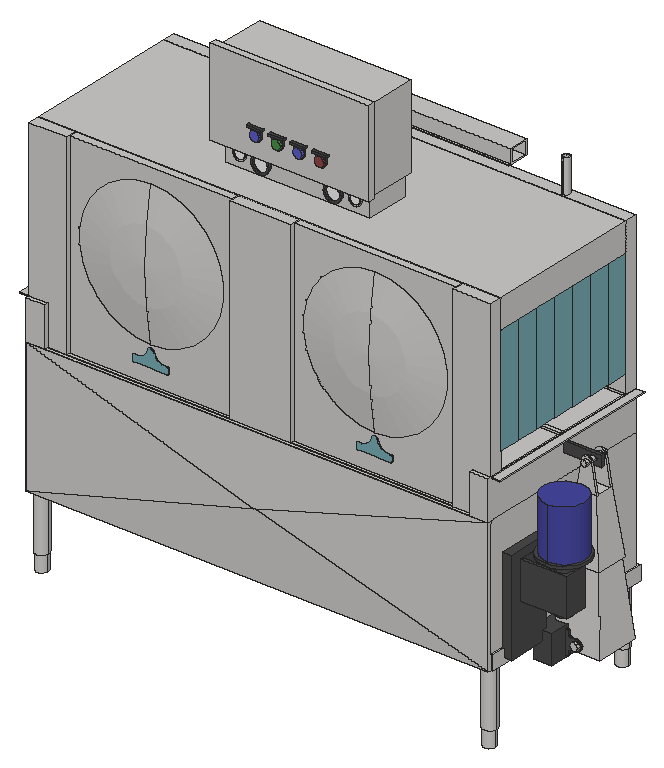
Revit family
Parameters (values of type "208/60/3")
  Width = 5' - 4"
  Weight in Pounds = 1000
  Watts = 25000 W
  Watermarked By = "http://revitwatermark.com"
  Waste Water Discharge Temperature [instance] = -459.67 °F
  Volts = 208 V
  Ventilation Remarks [instance] = ""
  URL Cutsheet = ""
  URL = "www.stero.com"
  Total Height = 5' - 10 1/2"
  Table Height = 2' - 10"
  Swing Doors [instance] = no
  Status [instance] = ""
  Standard Doors [instance] = not(Swing Doors)  # yes
  Specification by User [instance] = ""
  Specification by Manufacturer = ""
  Serial Number [instance] = ""
  Seismic Rating [instance] = ""
  SMACNA No [instance] = ""
  Right Ventilation Remarks [instance] = ""
  Right Vent [instance] = no
  Right Exhaust Volume [instance] = if(Right Vent, 400 CFM, 0 CFM)  # 0 CFM
  Right Exhaust Vent Width = 0' - 3 7/8"
  Right Exhaust Vent Text = "Vent, Unload End"
  Right Exhaust Vent Depth = 2' - 0 7/8"
  Right Exhaust Static Press = 0.00 in-wg
  Right Exhaust RI Height [instance] = 0' - 0"
  Right Exhaust Item Number [instance] = "-"
  Right Drain [instance] = no
  Revision Code [instance] = ""
  Plumbing Remarks [instance] = ""
  Plumbing Connection Type [instance] = ""
  Phase = 3
  Number of Poles [instance] = 1
  NAFEM Spec ID Number [instance] = ""
  Model = "ER-64"
  Masterspec = ""
  Manufacturer = "Stero"
  Machine Height = 4' - 7 1/2"
  Left Vent [instance] = no
  Left Drain [instance] = not(Right Drain)  # yes
  Item Number [instance] = "-"
  Installed By [instance] = ""
  Indirect Waste Size = 2"
  Indirect Waste Flow [instance] = 0.00 GPM
  Indirect Waste Connection Type [instance] = ""
  Indirect Waste Connection Height = 0' - 6"
  Hot Water Usage Rack = "- Gal/Rack"
  Hot Water Usage = "120.6 GPH"
  Hot Water Temperature = 180 °F
  Hot Water Size = 3/4"
  Hot Water RI Height [instance] = 0' - 0"
  Hot Water Minimum Pressure = 20.00 psi
  Hot Water Maximum Pressure = 20.00 psi
  Hot Water Flow = 2.01 GPM
  Hot Water Consumption = 2.01 GPM
  Hot Water Connection Height = 5' - 0"
  HP = "4.25"
  Furnished By [instance] = ""
  Foodservice Equipment Identifier [instance] = yes
  FL Amps = 83.6 A
  Exhaust Volume [instance] = if(Left Vent, 200 CFM, 0 CFM)  # 0 CFM
  Exhaust Vent Width = 0' - 3 7/8"
  Exhaust Vent Text = "Vent, Load End"
  Exhaust Vent Depth = 2' - 0 7/8"
  Exhaust Static Press = 0.00 in-wg
  Exhaust RI Height [instance] = 0' - 0"
  Electrical Remarks [instance] = ""
  Electric Connection Type [instance] = ""
  Elec Conn RI Height [instance] = 0' - 0"
  Elec Conn Connection Height = 5' - 8 1/2"
  Single Door Opening [instance] = if(Swing Doors, 2' 0", 1' 10 1/2")  # 1' - 10 1/2"
  Description = "Dishwasher, Conveyor"
  Depth = 2' - 1"
  Cycle = 60 Hz
  Conn Conduit = yes
  CSI MasterFormat = "11 48 13"
  Building Plumbing Remarks [instance] = ""
  Building Hot Water Temperature = 140 °F
  Building Hot Water Size = 3/4"
  Building Hot Water RI Height [instance] = 0' - 0"
  Building Hot Water Minimum Pressure [instance] = 20.00 psi
  Building Hot Water Maximum Pressure [instance] = 20.00 psi
  Building Hot Water Flow [instance] = 0.00 GPM
  Building Hot Water Consumption [instance] = 2.00 GPM
  Building Hot Water Connection Height = 5' - 0"
  Building HW Item Number [instance] = "-"
  Assembly Code = "E1090320"
  Apparent Power = if(Phase = 3, Volts * FL Amps * 1.73, Volts * FL Amps)  # 30082.6 VA
Reference planes (in)
  plane 1: z = 0
  plane 2 "LEFT": x = 2.32772
  plane 3 "BACK": y = -48
  plane 4 "TOP": z = 70.5
  plane 5 "RIGHT": x = 66.32772
  plane 6 "FRONT": y = -73
  plane 7 "Left of Top": x = 2.57772
  plane 8 "Right of Top": x = 66.07772
  plane 9 "Left of Ledge": x = 1.07772
  plane 10 "Right of Ledge": x = 67.57772
  plane 11 "Left End Cowl": x = -7.67228
  plane 12 "Right End Cowl": x = 76.32772
  plane 13: x = -0.73478
  plane 14: x = 69.39022
  plane 15 "Bottom of Machine": z = 10
  plane 16 "Table Height": z = 34
  plane 17 "Top of Machine": z = 55.5
  plane 18 "Panel Top": z = 28.5
  plane 19: z = 12
  plane 20: y = -73.5
  plane 21: y = -47.5
  plane 22: x = 2.07772
  plane 23: x = 66.57772
  plane 24: y = -49.625
  plane 25: y = -71.375
  plane 26 "Door Center": x = 34.32772
  plane 27: x = 7.57772
  plane 28: x = 30.07772
  plane 29 "Top of Opening": z = 51.5
  plane 30: z = 2.25
  plane 31: x = 24.32772
  plane 32: x = 44.32772
  plane 33: x = 23.32772
  plane 34: x = 45.32772
  plane 35 "Front of Lower Panel": y = -66.5
  plane 36: y = -60.5
  plane 37: y = -67
  plane 38 "Back of Panel": y = -60
  plane 39 "Front of Upper Panel": y = -68
  plane 40: x = 23.82772
  plane 41: x = 44.82772
  plane 42: x = 76.20272
  plane 43: x = -7.54728
  plane 44: x = -4.60978
  plane 45: x = 73.26522
  plane 46: y = -48.0625
  plane 47: y = -72.9375
  plane 48 "Top of Vents": z = 59.5
  plane 49: x = 19.82772
  plane 50: x = 48.82772
  plane 51: y = -45
  plane 52: z = 57.5
  plane 53: y = -43
  plane 54: z = 84.5
  plane 55: x = 38.57772
  plane 56: x = 61.07772
  plane 57: x = 7.82772
  plane 58: x = 29.95272
  plane 59: x = 28.64022
  plane 60: x = 38.70272
  plane 61: x = 40.01522
  plane 62: x = 60.82772
Forms (in)
  Extrusion 1, solid, material "QF_Finishes_Stainless Steel"
    sketch origin (0, 0, 10) x (0, 1, 0) y (-1, 0, 0)
      loop
        line (-47.5, -2.07772) -> (-73, -2.07772) -> (-73, -66.57772) -> (-47.5, -66.57772) -> (-47.5, -2.07772)
    from 0 to 2
  Extrusion 2, solid, material "QF_Finishes_Stainless Steel"
    sketch origin (0, 0, 34) x (0, 1, 0) y (-1, 0, 0)
      loop
        line (-71.375, -2.57772) -> (-49.625, -2.57772) -> (-49.625, -4.89022) -> (-48, -4.89022) -> (-48, -2.32772) -> (-73.5, -2.32772) -> (-73.5, -4.89022) -> (-71.375, -4.89022) -> (-71.375, -2.57772)
    from 0 to -5.5
  Extrusion 3, solid, material "QF_Finishes_Stainless Steel"
    sketch origin (0, 0, 28.5) x (0, 1, 0) y (-1, 0, 0)
      loop
        line (-48, -2.32772) -> (-73, -2.32772) -> (-73, -66.32772) -> (-48, -66.32772) -> (-48, -2.32772)
    from 0 to -16.5
  Extrusion 4, solid, material "QF_Finishes_Stainless Steel"
    sketch origin (48.65544, 0, 34) x (0, 1, 0) y (-1, 0, 0)
      loop
        line (-71.375, -17.42228) -> (-71.375, -15.10978) -> (-73.5, -15.10978) -> (-73.5, -17.67228) -> (-48, -17.67228) -> (-48, -15.10978) -> (-49.625, -15.10978) -> (-49.625, -17.42228) -> (-71.375, -17.42228)
    from 0 to -5.5
  Extrusion 5, solid, material "QF_Finishes_Stainless Steel"
    sketch origin (0, 0, 34) x (0, 1, 0) y (-1, 0, 0)
      loop
        line (-48, -2.32772) -> (-48, -1.07772) -> (-73, -1.07772) -> (-73, -2.32772) -> (-48, -2.32772)
    from 0 to -0.125
  Extrusion 6, solid, material "QF_Finishes_Stainless Steel"
    sketch origin (0, 0, 34) x (0, 1, 0) y (-1, 0, 0)
      loop
        line (-48, -66.32772) -> (-73, -66.32772) -> (-73, -67.57772) -> (-48, -67.57772) -> (-48, -66.32772)
    from 0 to -0.125
  Extrusion 7, solid, material "QF_Finishes_Stainless Steel"
    sketch origin (0, 0, 34) x (0, 1, 0) y (-1, 0, 0)
      loop
        line (-48, -4.89022) -> (-49.625, -4.89022) -> (-49.625, -2.57772) -> (-71.375, -2.57772) -> (-71.375, -66.07772) -> (-49.625, -66.07772) -> (-49.625, -63.76522) -> (-48, -63.76522) -> (-48, -4.89022)
    from -0.25 to -5.5
  Extrusion 8, solid, material "QF_Finishes_Stainless Steel"
    sketch origin (0, 0, 34) x (0, 1, 0) y (-1, 0, 0)
      loop
        line (-60.25, -2.57772) -> (-60.75, -2.57772) -> (-60.75, -66.07772) -> (-60.25, -66.07772) -> (-60.25, -2.57772)
      loop
        line (-48, -4.89022) -> (-49.625, -4.89022) -> (-49.625, -63.76522) -> (-48, -63.76522) -> (-48, -4.89022)
    from 0 to -0.25
  Extrusion 9, solid, material "QF_Finishes_Stainless Steel"
    sketch origin (0, 0, 55.5) x (0, 1, 0) y (-1, 0, 0)
      loop
        line (-49.625, -2.32772) -> (-71.375, -2.32772) -> (-71.375, -66.32772) -> (-49.625, -66.32772) -> (-49.625, -2.32772)
    from 0 to -4
  Extrusion 10, solid, material "QF_Finishes_Stainless Steel"
    sketch origin (0, 0, 55.5) x (0, 1, 0) y (-1, 0, 0)
      loop
        line (-48, -2.32772) -> (-49.625, -2.32772) -> (-49.625, -66.32772) -> (-48, -66.32772) -> (-48, -2.32772)
    from 0 to -21.5
  Extrusion 11, solid, material "QF_Finishes_Stainless Steel"
    sketch origin (0, -73, 0) x (-1, 0, 0) y (0, 0, 1)
      loop
        line (-2.32772, 55.5) -> (-7.57772, 55.5) -> (-7.57772, 28.5) -> (-4.89022, 28.5) -> (-4.89022, 34) -> (-2.32772, 34) -> (-2.32772, 55.5)
    from 0 to 1.625
  Blend 12, solid, material "QF_Finishes_Stainless Steel"
    base sketch origin (-15.01335, -74, 48) x (-1, 0, 0) y (0, 0, 1)
      loop
        line (-17.34107, -19.5) -> (-81.34107, -19.5) -> (-81.34107, -38) -> (-17.34107, -38) -> (-17.34107, -19.5)
    top sketch origin (-15.01335, -74, 48) x (-1, 0, 0) y (0, 0, 1)
      loop
        line (-49.37232, -28.71875) -> (-49.37232, -28.78125) -> (-49.30982, -28.78125) -> (-49.30982, -28.71875) -> (-49.37232, -28.71875)
    from 0.5 to 0
  Extrusion 13, solid, material "QF_Finishes_Stainless Steel"
    sketch origin (0, 0, 10) x (0, 1, 0) y (-1, 0, 0)
      loop
        line (-73, -2.32772) -> (-73.5, -2.32772) -> (-73.5, -66.32772) -> (-73, -66.32772) -> (-73, -2.32772)
    from 0 to 18.5
  Extrusion 14, solid, material "QF_Finishes_Stainless Steel"
    sketch origin (0, -73, 0) x (-1, 0, 0) y (0, 0, 1)
      loop
        line (-61.07772, 55.5) -> (-66.32772, 55.5) -> (-66.32772, 34) -> (-63.76522, 34) -> (-63.76522, 28.5) -> (-61.07772, 28.5) -> (-61.07772, 55.5)
    from 0 to 1.625
  Extrusion 15, solid, material "QF_Finishes_Stainless Steel", visible <- "Standard Doors"
    sketch origin (-15.5, 0, 55.5) x (0, 1, 0) y (-1, 0, 0)
      loop
        line (-71.375, -23.07772) -> (-72.5, -23.07772) -> (-72.5, -45.57772) -> (-71.375, -45.57772) -> (-71.375, -23.07772)
    from 0 to -27
  Extrusion 16, solid, material "QF_Finishes_Stainless Steel"
    sketch origin (0, 0, 0) x (1, 0, 0) y (0, 1, 0)
      loop
        circle (3.32772, -49) r 0.8125
    from 0 to 2.25
  Extrusion 17, solid, material "QF_Finishes_Stainless Steel"
    sketch origin (0, 0, 0) x (1, 0, 0) y (0, 1, 0)
      loop
        circle (3.32772, -49) r 0.9375
    from 2.25 to 10
  Extrusion 18, solid, material "QF_Finishes_Stainless Steel"
    sketch origin (48.65544, 0, 0) x (-1, 0, 0) y (0, -1, 0)
      loop
        circle (-16.67228, 49) r 0.8125
    from 0 to 2.25
  Extrusion 19, solid, material "QF_Finishes_Stainless Steel"
    sketch origin (48.65544, 0, 0) x (-1, 0, 0) y (0, -1, 0)
      loop
        circle (-16.67228, 49) r 0.9375
    from 2.25 to 10
  Extrusion 20, solid, material "QF_Finishes_Stainless Steel"
    sketch origin (0, -121, 0) x (1, 0, 0) y (0, 1, 0)
      loop
        circle (3.32772, 49) r 0.8125
    from 0 to 2.25
  Extrusion 21, solid, material "QF_Finishes_Stainless Steel"
    sketch origin (0, -121, 0) x (1, 0, 0) y (0, 1, 0)
      loop
        circle (3.32772, 49) r 0.9375
    from 2.25 to 10
  Extrusion 22, solid, material "QF_Finishes_Stainless Steel"
    sketch origin (48.65544, -121, 0) x (-1, 0, 0) y (0, -1, 0)
      loop
        circle (-16.67228, -49) r 0.8125
    from 0 to 2.25
  Extrusion 23, solid, material "QF_Finishes_Stainless Steel"
    sketch origin (48.65544, -121, 0) x (-1, 0, 0) y (0, -1, 0)
      loop
        circle (-16.67228, -49) r 0.9375
    from 2.25 to 10
  Extrusion 24, solid, material "QF_Finishes_Light Blue"
    sketch origin (0, 0, 51.5) x (0, 1, 0) y (-1, 0, 0)
      loop
        line (-49.625, -66.32772) -> (-49.625, -66.20272) -> (-52.625, -66.20272) -> (-52.625, -66.32772) -> (-49.625, -66.32772)
      loop
        line (-52.75, -66.32772) -> (-52.75, -66.20272) -> (-55.75, -66.20272) -> (-55.75, -66.32772) -> (-52.75, -66.32772)
      loop
        line (-55.875, -66.32772) -> (-55.875, -66.20272) -> (-58.875, -66.20272) -> (-58.875, -66.32772) -> (-55.875, -66.32772)
      loop
        line (-59, -66.32772) -> (-59, -66.20272) -> (-62, -66.20272) -> (-62, -66.32772) -> (-59, -66.32772)
      loop
        line (-62.125, -66.32772) -> (-62.125, -66.20272) -> (-65.125, -66.20272) -> (-65.125, -66.32772) -> (-62.125, -66.32772)
      loop
        line (-65.25, -66.32772) -> (-65.25, -66.20272) -> (-68.25, -66.20272) -> (-68.25, -66.32772) -> (-65.25, -66.32772)
      loop
        line (-68.375, -66.32772) -> (-68.375, -66.20272) -> (-71.375, -66.20272) -> (-71.375, -66.32772) -> (-68.375, -66.32772)
    from 0 to -15
  Extrusion 25, solid, material "QF_Finishes_Light Blue"
    sketch origin (48.65544, 0, 51.5) x (0, 1, 0) y (-1, 0, 0)
      loop
        line (-49.625, 46.32772) -> (-52.625, 46.32772) -> (-52.625, 46.20272) -> (-49.625, 46.20272) -> (-49.625, 46.32772)
      loop
        line (-52.75, 46.32772) -> (-55.75, 46.32772) -> (-55.75, 46.20272) -> (-52.75, 46.20272) -> (-52.75, 46.32772)
      loop
        line (-55.875, 46.32772) -> (-58.875, 46.32772) -> (-58.875, 46.20272) -> (-55.875, 46.20272) -> (-55.875, 46.32772)
      loop
        line (-59, 46.32772) -> (-62, 46.32772) -> (-62, 46.20272) -> (-59, 46.20272) -> (-59, 46.32772)
      loop
        line (-62.125, 46.32772) -> (-65.125, 46.32772) -> (-65.125, 46.20272) -> (-62.125, 46.20272) -> (-62.125, 46.32772)
      loop
        line (-65.25, 46.32772) -> (-68.25, 46.32772) -> (-68.25, 46.20272) -> (-65.25, 46.20272) -> (-65.25, 46.32772)
      loop
        line (-68.375, 46.32772) -> (-71.375, 46.32772) -> (-71.375, 46.20272) -> (-68.375, 46.20272) -> (-68.375, 46.32772)
    from 0 to -15
  Extrusion 26, solid, material "QF_Finishes_Stainless Steel"
    sketch origin (0, 0, 55.5) x (0, 1, 0) y (-1, 0, 0)
      loop
        line (-60.5, -24.32772) -> (-66.5, -24.32772) -> (-66.5, -44.32772) -> (-60.5, -44.32772) -> (-60.5, -24.32772)
    from 0 to 3.5
  Extrusion 27, solid, material "QF_Finishes_Stainless Steel"
    sketch origin (0, 0, 55.5) x (0, 1, 0) y (-1, 0, 0)
      loop
        line (-60, -23.82772) -> (-67, -23.82772) -> (-67, -44.82772) -> (-60, -44.82772) -> (-60, -23.82772)
    from 3 to 14.5
  Extrusion 28, solid, material "QF_Finishes_Stainless Steel"
    sketch origin (0, 0, 55.5) x (0, 1, 0) y (-1, 0, 0)
      loop
        line (-67, -23.32772) -> (-68, -23.32772) -> (-68, -45.32772) -> (-67, -45.32772) -> (-67, -23.32772)
    from 3 to 15
  Extrusion 29, solid, material "QF_Finishes_Black"
    sketch origin (0, -66.5, 0) x (-1, 0, 0) y (0, 0, 1)
      loop
        circle (-29.32772, 57) r 1.25
      loop
        circle (-29.32772, 57) r 1
    from 0 to -0.25
  Extrusion 30, solid, material "QF_Finishes_Stainless Steel"
    sketch origin (0, -66.5, 0) x (-1, 0, 0) y (0, 0, 1)
      loop
        circle (-26.32772, 57.25) r 0.75
      loop
        circle (-26.32772, 57.25) r 0.875
    from 0 to -0.125
  Extrusion 31, solid, material "QF_Finishes_White"
    sketch origin (0, -66.5, 0) x (-1, 0, 0) y (0, 0, 1)
      loop
        circle (-26.32772, 57.25) r 0.75
    from 0 to -0.0625
  Extrusion 32, solid, material "QF_Finishes_White"
    sketch origin (0, -66.5, 0) x (-1, 0, 0) y (0, 0, 1)
      loop
        circle (-29.32772, 57) r 1
    from 0 to -0.0625
  Extrusion 33, solid, material "QF_Finishes_Black"
    sketch origin (48.65544, -66.5, 0) x (1, 0, 0) y (0, 0, -1)
      loop
        circle (-9.32772, -57) r 1.25
      loop
        circle (-9.32772, -57) r 1
    from 0 to -0.25
  Extrusion 34, solid, material "QF_Finishes_Stainless Steel"
    sketch origin (48.65544, -66.5, 0) x (1, 0, 0) y (0, 0, -1)
      loop
        circle (-6.32772, -57.25) r 0.75
      loop
        circle (-6.32772, -57.25) r 0.875
    from 0 to -0.125
  Extrusion 35, solid, material "QF_Finishes_White"
    sketch origin (48.65544, -66.5, 0) x (1, 0, 0) y (0, 0, -1)
      loop
        circle (-6.32772, -57.25) r 0.75
    from 0 to -0.0625
  Extrusion 36, solid, material "QF_Finishes_White"
    sketch origin (48.65544, -66.5, 0) x (1, 0, 0) y (0, 0, -1)
      loop
        circle (-9.32772, -57) r 1
    from 0 to -0.0625
  Extrusion 37, solid, material "QF_Finishes_Black"
    sketch origin (0, -68, 0) x (-1, 0, 0) y (0, 0, 1)
      loop
        line (-33.82772, 62.5) -> (-33.82772, 62.25) -> (-31.82772, 62.25) -> (-31.82772, 62.5) -> (-33.82772, 62.5)
      loop
        line (-30.82772, 62.5) -> (-30.82772, 62.25) -> (-28.82772, 62.25) -> (-28.82772, 62.5) -> (-30.82772, 62.5)
      loop
        line (-34.82772, 62.5) -> (-36.82772, 62.5) -> (-36.82772, 62.25) -> (-34.82772, 62.25) -> (-34.82772, 62.5)
      loop
        line (-37.82772, 62.5) -> (-39.82772, 62.5) -> (-39.82772, 62.25) -> (-37.82772, 62.25) -> (-37.82772, 62.5)
    from 0 to -0.5
  Extrusion 38, solid, material "QF_Finishes_Navy Blue"
    sketch origin (0, -68, 0) x (-1, 0, 0) y (0, 0, 1)
      loop
        circle (-29.82772, 61.375) r 0.625
    from -0.125 to -0.375
  Extrusion 39, solid, material "QF_Finishes_LED Green"
    sketch origin (3, -68, 0) x (-1, 0, 0) y (0, 0, 1)
      loop
        circle (-29.82772, 61.375) r 0.625
    from -0.125 to -0.375
  Extrusion 40, solid, material "QF_Finishes_Navy Blue"
    sketch origin (6, -68, 0) x (-1, 0, 0) y (0, 0, 1)
      loop
        circle (-29.82772, 61.375) r 0.625
    from -0.125 to -0.375
  Extrusion 41, solid, material "QF_Finishes_LED Red"
    sketch origin (9, -68, 0) x (-1, 0, 0) y (0, 0, 1)
      loop
        circle (-29.82772, 61.375) r 0.625
    from -0.125 to -0.375
  Extrusion 42, solid, material "QF_Finishes_Black"
    sketch origin (0, -68, 0) x (-1, 0, 0) y (0, 0, 1)
      loop
        arc (-30.57772, 61.375) -> (-29.82772, 60.625) -> (-29.07772, 61.375) r 0.75
        line (-29.07772, 61.375) -> (-29.07772, 62.25) -> (-30.57772, 62.25) -> (-30.57772, 61.375)
      loop
        arc (-33.57772, 61.375) -> (-32.82772, 60.625) -> (-32.07772, 61.375) r 0.75
        line (-32.07772, 61.375) -> (-32.07772, 62.25) -> (-33.57772, 62.25) -> (-33.57772, 61.375)
      loop
        arc (-36.57772, 61.375) -> (-35.82772, 60.625) -> (-35.07772, 61.375) r 0.75
        line (-35.07772, 61.375) -> (-35.07772, 62.25) -> (-36.57772, 62.25) -> (-36.57772, 61.375)
      loop
        arc (-39.57772, 61.375) -> (-38.82772, 60.625) -> (-38.07772, 61.375) r 0.75
        line (-38.07772, 61.375) -> (-38.07772, 62.25) -> (-39.57772, 62.25) -> (-39.57772, 61.375)
    from 0 to -0.125
  Extrusion 43, solid, material "QF_Finishes_Light Blue", visible <- "Standard Doors"
    sketch origin (-15.5, -73, 0) x (-1, 0, 0) y (0, 0, 1)
      loop
        line (-33.71645, 30.65632) -> (-32.08461, 30.57309)
        arc (-32.08461, 30.57309) -> (-31.90443, 30.64773) -> (-31.82979, 30.82792) r 0.25483
        line (-31.82979, 30.82792) -> (-31.82979, 31.31285)
        arc (-31.82979, 31.31285) -> (-31.90343, 31.49062) -> (-32.08121, 31.56426) r 0.25142
        arc (-32.08121, 31.56426) -> (-33.22593, 31.7803) -> (-33.90311, 32.72819) r 1.56264
        arc (-33.90311, 32.72819) -> (-34.31726, 33.06213) -> (-34.74741, 32.74907) r 0.43733
        arc (-34.74741, 32.74907) -> (-35.42049, 31.78611) -> (-36.57423, 31.56426) r 1.56264
        arc (-36.57423, 31.56426) -> (-36.75201, 31.49062) -> (-36.82565, 31.31285) r 0.25142
        line (-36.82565, 31.31285) -> (-36.82565, 30.82792)
        arc (-36.82565, 30.82792) -> (-36.75101, 30.64773) -> (-36.57082, 30.57309) r 0.25483
        line (-36.57082, 30.57309) -> (-34.93898, 30.65632)
        arc (-34.93898, 30.65632) -> (-34.32772, 30.6719) -> (-33.71645, 30.65632) r 12
    from 0.5 to 0.4375
  Extrusion 44, solid, material "QF_Finishes_Stainless Steel", visible <- "Right Vent"
    sketch origin (66.07772, 0, 0) x (0, -1, 0) y (0, 0, 1)
      loop
        line (73, 55.5) -> (48, 55.5) -> (48, 50.5625) -> (49.625, 48.9375) -> (49.625, 49.11428) -> (48.125, 50.61428) -> (48.125, 55.375) -> (72.875, 55.375) -> (72.875, 39.17678) -> (71.375, 37.67678) -> (71.375, 37.5) -> (73, 39.125) -> (73, 55.5)
    from 0 to -10.125
  Extrusion 45, solid, material "QF_Finishes_Stainless Steel", visible <- "Left Vent"
    sketch origin (2.57772, 0, 0) x (0, 1, 0) y (0, 0, 1)
      loop
        line (-73, 55.5) -> (-73, 39.125) -> (-71.375, 37.5) -> (-71.375, 37.67678) -> (-72.875, 39.17678) -> (-72.875, 55.375) -> (-48.125, 55.375) -> (-48.125, 50.61428) -> (-49.625, 49.11428) -> (-49.625, 48.9375) -> (-48, 50.5625) -> (-48, 55.5) -> (-73, 55.5)
    from 0 to -10.125
  Extrusion 46, solid, material "QF_Finishes_Stainless Steel", visible <- "Right Vent"
    sketch origin (76.32772, 0, 0) x (0, 1, 0) y (0, 0, 1)
      loop
        line (-71.375, 37.5) -> (-71.375, 51.5) -> (-49.625, 51.5) -> (-49.625, 48.9375) -> (-48, 50.5625) -> (-48, 55.5) -> (-73, 55.5) -> (-73, 39.125) -> (-71.375, 37.5)
    from 0 to -0.125
  Extrusion 47, solid, material "QF_Finishes_Stainless Steel", visible <- "Left Vent"
    sketch origin (-7.67228, 0, 0) x (0, 1, 0) y (0, 0, 1)
      loop
        line (-71.375, 37.5) -> (-71.375, 51.5) -> (-49.625, 51.5) -> (-49.625, 48.9375) -> (-48, 50.5625) -> (-48, 55.5) -> (-73, 55.5) -> (-73, 39.125) -> (-71.375, 37.5)
    from 0 to 0.125
  Extrusion 48, solid, material "QF_Finishes_Stainless Steel", visible <- "Left Vent"
    sketch origin (0, 0, 55.5) x (0, 1, 0) y (-1, 0, 0)
      loop
        line (-48.0625, 4.60978) -> (-72.9375, 4.60978) -> (-72.9375, 0.73478) -> (-48.0625, 0.73478) -> (-48.0625, 4.60978)
      loop
        line (-48.1875, 4.48478) -> (-72.8125, 4.48478) -> (-72.8125, 0.85978) -> (-48.1875, 0.85978) -> (-48.1875, 4.48478)
    from 0 to 4
  Extrusion 49, solid, material "QF_Finishes_Stainless Steel", visible <- "Right Vent"
    sketch origin (48.65544, 0, 55.5) x (0, 1, 0) y (-1, 0, 0)
      loop
        line (-48.0625, -24.60978) -> (-48.0625, -20.73478) -> (-72.9375, -20.73478) -> (-72.9375, -24.60978) -> (-48.0625, -24.60978)
      loop
        line (-48.1875, -24.48478) -> (-48.1875, -20.85978) -> (-72.8125, -20.85978) -> (-72.8125, -24.48478) -> (-48.1875, -24.48478)
    from 0 to 4
  Extrusion 50, void
    sketch origin (0, 0, 55.5) x (0, 1, 0) y (-1, 0, 0)
      loop
        line (-48.1875, 4.48478) -> (-72.8125, 4.48478) -> (-72.8125, 0.85978) -> (-48.1875, 0.85978) -> (-48.1875, 4.48478)
    from 0 to -0.125
  Extrusion 51, void
    sketch origin (0, 0, 55.5) x (0, 1, 0) y (-1, 0, 0)
      loop
        line (-48.1875, -69.51522) -> (-72.8125, -69.51522) -> (-72.8125, -73.14022) -> (-48.1875, -73.14022) -> (-48.1875, -69.51522)
    from 0 to -0.125
  Extrusion 52, solid, material "QF_Finishes_Black"
    sketch origin (0, -73, 0) x (-1, 0, 0) y (0, 0, 1)
      loop
        line (-66.57772, 12) -> (-66.32772, 12) -> (-66.32772, 23.9375) -> (-67.70272, 23.9375) -> (-67.70272, 10.9375) -> (-66.57772, 10.9375) -> (-66.57772, 12)
    from 1.8125 to 7.8125
  Extrusion 53, solid, material "QF_Finishes_Black"
    sketch origin (0, 0, 10) x (0, 1, 0) y (-1, 0, 0)
      loop
        line (-66.875, -72.57772) -> (-66.875, -67.95272) -> (-69.5, -67.95272) -> (-69.5, -72.57772)
        arc (-69.5, -72.57772) -> (-68.1875, -71.26522) -> (-66.875, -72.57772) r 1.3125
      loop
        line (-69.75, -74.20272) -> (-66.625, -74.20272) -> (-66.625, -67.70272) -> (-69.75, -67.70272) -> (-69.75, -74.20272)
    from 7.6875 to 12.9375
  Extrusion 54, solid, material "QF_Finishes_Black"
    sketch origin (0.25, 0, 10) x (0, 1, 0) y (-1, 0, 0)
      loop
        circle (-68.1875, -72.32772) r 1.0625
    from 7.1875 to 7.6875
  Extrusion 55, solid, material "QF_Finishes_Black"
    sketch origin (0, 0, 10) x (0, 1, 0) y (-1, 0, 0)
      loop
        circle (-68.1875, -72.57772) r 1.3125
    from 12.9375 to 13.4375
  Blend 56, solid, material "QF_Finishes_Black"
    base sketch origin (0.25, 0, 10) x (0, 1, 0) y (-1, 0, 0)
      loop
        circle (-68.1875, -72.32772) r 1.3125
    top sketch origin (0.25, 0, 10) x (0, 1, 0) y (-1, 0, 0)
      loop
        circle (-68.1875, -72.32772) r 2.0625
    from 13.4375 to 14.4375
  Extrusion 57, solid, material "QF_Finishes_Black"
    sketch origin (0.25, 0, 10) x (0, 1, 0) y (-1, 0, 0)
      loop
        circle (-68.1875, -72.32772) r 3.25
    from 14.4375 to 14.8125
  Extrusion 58, solid, material "QF_Finishes_Blue"
    sketch origin (0.25, 0, 10) x (0, 1, 0) y (-1, 0, 0)
      loop
        circle (-68.1875, -72.32772) r 2.875
    from 14.8125 to 21.9375
  Extrusion 59, solid, material "QF_Finishes_Black"
    sketch origin (0, -73, 0) x (-1, 0, 0) y (0, 0, 1)
      loop
        line (-66.32772, 33.1875) -> (-71.82772, 33.1875) -> (-71.82772, 31.6875) -> (-66.32772, 31.6875) -> (-66.32772, 33.1875)
      loop
        circle (-70.57772, 32.4375) r 0.375
    from 12.3125 to 12.6875
  Extrusion 60, solid, material "QF_Finishes_Black"
    sketch origin (0, -73, 0) x (-1, 0, 0) y (0, 0, 1)
      loop
        line (-66.32772, 12) -> (-66.32772, 12.4375) -> (-69.07772, 12.4375) -> (-69.07772, 8.4375) -> (-66.57772, 8.4375) -> (-66.57772, 12) -> (-66.32772, 12)
    from 7 to 18
  Extrusion 61, solid, material "QF_Finishes_Black"
    sketch origin (0, -73, 0) x (-1, 0, 0) y (0, 0, 1)
      loop
        line (-69.07772, 12.125) -> (-69.32772, 12.125)
        arc (-69.32772, 12.125) -> (-69.5045, 12.05178) -> (-69.57772, 11.875) r 0.25
        line (-69.57772, 11.875) -> (-69.57772, 11.5625)
        arc (-69.57772, 11.5625) -> (-69.68755, 11.29733) -> (-69.95272, 11.1875) r 0.375
        line (-69.95272, 11.1875) -> (-70.57772, 11.1875)
        arc (-70.57772, 11.1875) -> (-71.32772, 10.4375) -> (-70.57772, 9.6875) r 0.75
        line (-70.57772, 9.6875) -> (-69.95272, 9.6875)
        arc (-69.95272, 9.6875) -> (-69.68755, 9.57767) -> (-69.57772, 9.3125) r 0.375
        line (-69.57772, 9.3125) -> (-69.57772, 9)
        arc (-69.57772, 9) -> (-69.5045, 8.82322) -> (-69.32772, 8.75) r 0.25
        line (-69.32772, 8.75) -> (-69.07772, 8.75) -> (-69.07772, 12.125)
      loop
        circle (-70.57772, 10.4375) r 0.5
    from 9.375 to 9.5
  Extrusion 62, solid, material "QF_Finishes_Black"
    sketch origin (0, -66.875, 0) x (-1, 0, 0) y (0, 0, 1)
      loop
        line (-69.07772, 12.125) -> (-69.32772, 12.125)
        arc (-69.32772, 12.125) -> (-69.5045, 12.05178) -> (-69.57772, 11.875) r 0.25
        line (-69.57772, 11.875) -> (-69.57772, 11.5625)
        arc (-69.57772, 11.5625) -> (-69.68755, 11.29733) -> (-69.95272, 11.1875) r 0.375
        line (-69.95272, 11.1875) -> (-70.57772, 11.1875)
        arc (-70.57772, 11.1875) -> (-71.32772, 10.4375) -> (-70.57772, 9.6875) r 0.75
        line (-70.57772, 9.6875) -> (-69.95272, 9.6875)
        arc (-69.95272, 9.6875) -> (-69.68755, 9.57767) -> (-69.57772, 9.3125) r 0.375
        line (-69.57772, 9.3125) -> (-69.57772, 9)
        arc (-69.57772, 9) -> (-69.5045, 8.82322) -> (-69.32772, 8.75) r 0.25
        line (-69.32772, 8.75) -> (-69.07772, 8.75) -> (-69.07772, 12.125)
      loop
        circle (-70.57772, 10.4375) r 0.5
    from 9.375 to 9.5
  Extrusion 63, solid, material "QF_Finishes_Stainless Steel"
    sketch origin (0, -73, 0) x (-1, 0, 0) y (0, 0, 1)
      loop
        circle (-70.57772, 32.4375) r 0.375
      loop
        line (-71.31584, 32.57045) -> (-72.01522, 28.6875) -> (-69.14022, 28.6875) -> (-69.8396, 32.57045)
        arc (-69.8396, 32.57045) -> (-70.57772, 33.1875) -> (-71.31584, 32.57045) r 0.75
    from 11.25 to 11.375
  Extrusion 64, solid, material "QF_Finishes_Stainless Steel"
    sketch origin (0, -48, 0) x (-1, 0, 0) y (0, 0, -1)
      loop
        circle (-70.57772, -32.4375) r 0.375
      loop
        arc (-71.31584, -32.57045) -> (-70.57772, -33.1875) -> (-69.8396, -32.57045) r 0.75
        line (-69.8396, -32.57045) -> (-69.14022, -28.6875) -> (-72.01522, -28.6875) -> (-71.31584, -32.57045)
    from 11.25 to 11.375
  Extrusion 65, solid, material "QF_Finishes_Stainless Steel"
    sketch origin (0, -73, 0) x (-1, 0, 0) y (0, 0, 1)
      loop
        circle (-70.57772, 32.4375) r 0.375
    from 10.75 to 14.25
  Blend 66, solid, material "QF_Finishes_Stainless Steel"
    base sketch origin (0, 0, 34) x (0, 1, 0) y (-1, 0, 0)
      loop
        line (-58.25, -67.89022) -> (-62.75, -67.89022) -> (-62.75, -73.01522) -> (-58.25, -73.01522) -> (-58.25, -67.89022)
    top sketch origin (0, 0, 34) x (0, 1, 0) y (-1, 0, 0)
      loop
        line (-59.25, -69.14022) -> (-61.75, -69.14022) -> (-61.75, -72.01522) -> (-59.25, -72.01522) -> (-59.25, -69.14022)
    from -14.0625 to -5.3125
  Blend 67, solid, material "QF_Finishes_Stainless Steel"
    base sketch origin (0, 0, 25.25) x (0, 1, 0) y (-1, 0, 0)
      loop
        line (-57.5, -67.14022) -> (-63.5, -67.14022) -> (-63.5, -73.76522) -> (-57.5, -73.76522) -> (-57.5, -67.14022)
    top sketch origin (0, 0, 25.25) x (0, 1, 0) y (-1, 0, 0)
      loop
        line (-58.5, -68.14022) -> (-62.5, -68.14022) -> (-62.5, -72.76522) -> (-58.5, -72.76522) -> (-58.5, -68.14022)
    from -15.5625 to -5.3125
  Extrusion 68, solid, material "QF_Finishes_Stainless Steel"
    sketch origin (0, -73, -22) x (-1, 0, 0) y (0, 0, 1)
      loop
        circle (-70.57772, 32.4375) r 0.5
    from 9 to 16
  Extrusion 69, solid, material "QF_Finishes_Stainless Steel"
    sketch origin (0, 0, 55.5) x (0, 1, 0) y (-1, 0, 0)
      loop
        circle (-48.75, -57.32772) r 0.375
      loop
        circle (-48.75, -57.32772) r 0.5
    from 0 to 4.5
  Extrusion 70, solid, material "QF_Finishes_Stainless Steel"
    sketch origin (2.32772, 0, 0) x (0, 1, 0) y (0, 0, 1)
      loop
        line (-45, 57.5) -> (-47.75, 57.5) -> (-47.75, 55.5) -> (-45, 55.5) -> (-45, 57.5)
      loop
        line (-45.125, 57.375) -> (-47.625, 57.375) -> (-47.625, 55.625) -> (-45.125, 55.625) -> (-45.125, 57.375)
    from 17.5 to 46.5
  Extrusion 71, solid, material "QF_Finishes_Stainless Steel"
    sketch origin (2.32772, 0, 0) x (0, 1, 0) y (0, 0, 1)
      loop
        line (-47.75, 55.5) -> (-47.75, 55.625) -> (-48, 55.625) -> (-48, 55.5) -> (-47.75, 55.5)
    from 17.5 to 46.5
  Extrusion 72, solid, material "QF_Finishes_Stainless Steel"
    sketch origin (0, -60, 0) x (-1, 0, 0) y (0, 0, 1)
      loop
        circle (-44.32772, 68.5) r 0.25
    from 0 to 0.0625
  Extrusion 73, solid, material "QF_Finishes_Stainless Steel"
    sketch origin (0, 0, 10) x (0, 1, 0) y (-1, 0, 0)
      loop
        circle (-50, -7.32772) r 1
      loop
        circle (-50, -7.32772) r 1.125
    from 0 to -4
  Extrusion 74, solid, material "QF_Finishes_Clearance", detail levels coarse
    sketch origin (0, 0, 0) x (1, 0, 0) y (0, 1, 0)
      loop
        line (1.07772, -47.5) -> (19.82772, -47.5) -> (19.82772, -45) -> (48.82772, -45) -> (48.82772, -47.5) -> (67.57772, -47.5) -> (67.57772, -43) -> (1.07772, -43) -> (1.07772, -47.5)
    from 0 to 70.5
  Extrusion 75, solid, material "QF_Finishes_Clearance", visible <- "Standard Doors", detail levels coarse
    sketch origin (-15.5, -73, 0) x (-1, 0, 0) y (0, 0, 1)
      loop
        line (-23.07772, 84.5) -> (-45.57772, 84.5) -> (-45.57772, 55.5) -> (-23.07772, 55.5) -> (-23.07772, 84.5)
    from 0 to 1.625
  Extrusion 76, solid, material "QF_Finishes_Clearance", visible <- "Right Vent", detail levels coarse
    sketch origin (0, 0, 0) x (1, 0, 0) y (0, 1, 0)
      loop
        line (67.57772, -43) -> (67.57772, -47.5) -> (76.32772, -47.5) -> (76.32772, -43) -> (67.57772, -43)
    from 0 to 70.5
  Extrusion 77, solid, material "QF_Finishes_Clearance", visible <- "Left Vent", detail levels coarse
    sketch origin (0, 0, 0) x (1, 0, 0) y (0, 1, 0)
      loop
        line (-7.67228, -43) -> (-7.67228, -47.5) -> (1.07772, -47.5) -> (1.07772, -43) -> (-7.67228, -43)
    from 0 to 70.5
  Revolve 78, solid, material "QF_Finishes_Stainless Steel", visible <- "Standard Doors"
    sketch origin (18.82772, 0, 0) x (0, 1, 0) y (0, 0, 1)
      loop
        line (-72.5, 43.5) -> (-72.5, 53.5)
        arc (-72.5, 53.5) -> (-73.26244, 48.52624) -> (-73.5, 43.5) r 48
        line (-73.5, 43.5) -> (-72.5, 43.5)
      axis (-72.5, 43.5) -> (-73.5, 43.5)
    angle from 0 to 360
  Extrusion 79, solid, material "QF_Finishes_Stainless Steel", visible <- "Standard Doors"
    sketch origin (14.5, 0, 55.5) x (0, 1, 0) y (-1, 0, 0)
      loop
        line (-71.375, -24.07772) -> (-72.5, -24.07772) -> (-72.5, -46.57772) -> (-71.375, -46.57772) -> (-71.375, -24.07772)
    from 0 to -27
  Extrusion 80, solid, material "QF_Finishes_Clearance", visible <- "Standard Doors", detail levels coarse
    sketch origin (14.5, -73, 0) x (-1, 0, 0) y (0, 0, 1)
      loop
        line (-24.07772, 84.5) -> (-46.57772, 84.5) -> (-46.57772, 55.5) -> (-24.07772, 55.5) -> (-24.07772, 84.5)
    from 0 to 1.625
  Revolve 81, solid, material "QF_Finishes_Stainless Steel", visible <- "Standard Doors"
    sketch origin (49.82772, 0, 0) x (0, 1, 0) y (0, 0, 1)
      loop
        line (-72.5, 43.5) -> (-72.5, 53.5)
        arc (-72.5, 53.5) -> (-73.26244, 48.52624) -> (-73.5, 43.5) r 48
        line (-73.5, 43.5) -> (-72.5, 43.5)
      axis (-72.5, 43.5) -> (-73.5, 43.5)
    angle from 0 to 360
  Extrusion 82, solid, material "QF_Finishes_Stainless Steel"
    sketch origin (-29, -73, 0) x (-1, 0, 0) y (0, 0, 1)
      loop
        line (-59.07772, 55.5) -> (-67.57772, 55.5) -> (-67.57772, 28.5) -> (-59.07772, 28.5) -> (-59.07772, 55.5)
    from 0 to 1.625
  Extrusion 83, solid, material "QF_Finishes_Stainless Steel"
    sketch origin (-44, 0, 55.5) x (0, 1, 0) y (-1, 0, 0)
      loop
        circle (-48.75, -63.32772) r 0.375
      loop
        circle (-48.75, -63.32772) r 0.5
    from 0 to 4.5
  Extrusion 84, solid, material "QF_Finishes_Stainless Steel"
    sketch origin (55, 0, 10) x (0, 1, 0) y (-1, 0, 0)
      loop
        circle (-50, -6.32772) r 1
      loop
        circle (-50, -6.32772) r 1.125
    from 0 to -4
  Extrusion 85, solid, material "QF_Finishes_Stainless Steel", visible <- "Right Drain"
    sketch origin (0, 0, 0) x (1, 0, 0) y (0, 1, 0)
      loop
        circle (7.32772, -50) r 1
    from 6 to 6.25
  Extrusion 86, solid, material "QF_Finishes_Stainless Steel", visible <- "Left Drain"
    sketch origin (0, 0, 0) x (1, 0, 0) y (0, 1, 0)
      loop
        circle (61.32772, -50) r 1
    from 6 to 6.25
  Extrusion 87, solid, material "QF_Finishes_Light Blue", visible <- "Standard Doors"
    sketch origin (15.5, -73, 0) x (-1, 0, 0) y (0, 0, 1)
      loop
        line (-33.71645, 30.65632) -> (-32.08461, 30.57309)
        arc (-32.08461, 30.57309) -> (-31.90443, 30.64773) -> (-31.82979, 30.82792) r 0.25483
        line (-31.82979, 30.82792) -> (-31.82979, 31.31285)
        arc (-31.82979, 31.31285) -> (-31.90343, 31.49062) -> (-32.08121, 31.56426) r 0.25142
        arc (-32.08121, 31.56426) -> (-33.22593, 31.7803) -> (-33.90311, 32.72819) r 1.56264
        arc (-33.90311, 32.72819) -> (-34.31726, 33.06213) -> (-34.74741, 32.74907) r 0.43733
        arc (-34.74741, 32.74907) -> (-35.42049, 31.78611) -> (-36.57423, 31.56426) r 1.56264
        arc (-36.57423, 31.56426) -> (-36.75201, 31.49062) -> (-36.82565, 31.31285) r 0.25142
        line (-36.82565, 31.31285) -> (-36.82565, 30.82792)
        arc (-36.82565, 30.82792) -> (-36.75101, 30.64773) -> (-36.57082, 30.57309) r 0.25483
        line (-36.57082, 30.57309) -> (-34.93898, 30.65632)
        arc (-34.93898, 30.65632) -> (-34.32772, 30.6719) -> (-33.71645, 30.65632) r 12
    from 0.5 to 0.4375
  Extrusion 88, solid, material "QF_Finishes_Black", not visible
    sketch origin (0, -68, 0) x (-1, 0, 0) y (0, 0, 1)
      loop
        line (-33.82772, 62.5) -> (-33.82772, 62.25) -> (-31.82772, 62.25) -> (-31.82772, 62.5) -> (-33.82772, 62.5)
      loop
        line (-30.82772, 62.5) -> (-30.82772, 62.25) -> (-28.82772, 62.25) -> (-28.82772, 62.5) -> (-30.82772, 62.5)
      loop
        line (-34.82772, 62.5) -> (-36.82772, 62.5) -> (-36.82772, 62.25) -> (-34.82772, 62.25) -> (-34.82772, 62.5)
      loop
        line (-37.82772, 62.5) -> (-39.82772, 62.5) -> (-39.82772, 62.25) -> (-37.82772, 62.25) -> (-37.82772, 62.5)
    from 0 to -0.5
  Extrusion 89, solid, material "QF_Finishes_Navy Blue", not visible
    sketch origin (0, -68, 0) x (-1, 0, 0) y (0, 0, 1)
      loop
        circle (-29.82772, 61.375) r 0.625
    from -0.125 to -0.375
  Extrusion 90, solid, material "QF_Finishes_LED Green", not visible
    sketch origin (3, -68, 0) x (-1, 0, 0) y (0, 0, 1)
      loop
        circle (-29.82772, 61.375) r 0.625
    from -0.125 to -0.375
  Extrusion 91, solid, material "QF_Finishes_Navy Blue", not visible
    sketch origin (6, -68, 0) x (-1, 0, 0) y (0, 0, 1)
      loop
        circle (-29.82772, 61.375) r 0.625
    from -0.125 to -0.375
  Extrusion 92, solid, material "QF_Finishes_LED Red", not visible
    sketch origin (9, -68, 0) x (-1, 0, 0) y (0, 0, 1)
      loop
        circle (-29.82772, 61.375) r 0.625
    from -0.125 to -0.375
  Extrusion 93, solid, material "QF_Finishes_Black", not visible
    sketch origin (0, -68, 0) x (-1, 0, 0) y (0, 0, 1)
      loop
        arc (-30.57772, 61.375) -> (-29.82772, 60.625) -> (-29.07772, 61.375) r 0.75
        line (-29.07772, 61.375) -> (-29.07772, 62.25) -> (-30.57772, 62.25) -> (-30.57772, 61.375)
      loop
        arc (-33.57772, 61.375) -> (-32.82772, 60.625) -> (-32.07772, 61.375) r 0.75
        line (-32.07772, 61.375) -> (-32.07772, 62.25) -> (-33.57772, 62.25) -> (-33.57772, 61.375)
      loop
        arc (-36.57772, 61.375) -> (-35.82772, 60.625) -> (-35.07772, 61.375) r 0.75
        line (-35.07772, 61.375) -> (-35.07772, 62.25) -> (-36.57772, 62.25) -> (-36.57772, 61.375)
      loop
        arc (-39.57772, 61.375) -> (-38.82772, 60.625) -> (-38.07772, 61.375) r 0.75
        line (-38.07772, 61.375) -> (-38.07772, 62.25) -> (-39.57772, 62.25) -> (-39.57772, 61.375)
    from 0 to -0.125
  Extrusion 94, solid, material "QF_Finishes_Stainless Steel", visible <- "Swing Doors"
    sketch origin (0, 0, 55.5) x (0, 1, 0) y (-1, 0, 0)
      loop
        line (-71.375, -7.82772) -> (-73, -7.82772) -> (-73, -29.95272) -> (-71.375, -29.95272) -> (-71.375, -7.82772)
    from 0 to -27
  Extrusion 95, solid, material "QF_Finishes_Stainless Steel", visible <- "Swing Doors"
    sketch origin (0, 0, 55.5) x (0, 1, 0) y (-1, 0, 0)
      loop
        line (-71.375, -38.70272) -> (-73, -38.70272) -> (-73, -60.82772) -> (-71.375, -60.82772) -> (-71.375, -38.70272)
    from 0 to -27
  Extrusion 96, solid, material "QF_Finishes_Stainless Steel", visible <- "Swing Doors"
    sketch origin (-5.5, 0, 52.4375) x (0, 1, 0) y (-1, 0, 0)
      loop
        circle (-73.25, -13.07772) r 0.25
    from 0 to -3
  Extrusion 97, solid, material "QF_Finishes_Stainless Steel", visible <- "Swing Doors"
    sketch origin (-5.5, 0, 35.8125) x (0, 1, 0) y (-1, 0, 0)
      loop
        circle (-73.25, -13.07772) r 0.25
    from 0 to -3
  Sweep 98, solid, material "QF_Finishes_Stainless Steel", visible <- "Swing Doors"
    path origin (28.64022, -19.02724, 48) x (0, 1, 0) y (0, 0, 1)
      loop
        line (-53.97276, -0.9375) -> (-54.59776, -0.9375)
        arc (-54.59776, -0.9375) -> (-54.95131, -1.08395) -> (-55.09776, -1.4375) r 0.5
        line (-55.09776, -1.4375) -> (-55.09776, -9.6875)
        arc (-55.09776, -9.6875) -> (-54.95131, -10.04105) -> (-54.59776, -10.1875) r 0.5
        line (-54.59776, -10.1875) -> (-53.97276, -10.1875)
    profile origin (28.64022, -73.3125, 47.0625) x (0, 0, -1) y (1, 0, 0)
      loop
        circle (0, 0) r 0.375
  Extrusion 99, solid, material "QF_Finishes_Stainless Steel", visible <- "Swing Doors"
    sketch origin (48, 0, 52.4375) x (0, 1, 0) y (-1, 0, 0)
      loop
        circle (-73.25, -13.07772) r 0.25
    from 0 to -3
  Extrusion 100, solid, material "QF_Finishes_Stainless Steel", visible <- "Swing Doors"
    sketch origin (48, 0, 35.8125) x (0, 1, 0) y (-1, 0, 0)
      loop
        circle (-73.25, -13.07772) r 0.25
    from 0 to -3
  Sweep 101, solid, material "QF_Finishes_Stainless Steel", visible <- "Swing Doors"
    path origin (40.01522, -19.02724, 48) x (0, 1, 0) y (0, 0, 1)
      loop
        line (-53.97276, -0.9375) -> (-54.59776, -0.9375)
        arc (-54.59776, -0.9375) -> (-54.95131, -1.08395) -> (-55.09776, -1.4375) r 0.5
        line (-55.09776, -1.4375) -> (-55.09776, -9.6875)
        arc (-55.09776, -9.6875) -> (-54.95131, -10.04105) -> (-54.59776, -10.1875) r 0.5
        line (-54.59776, -10.1875) -> (-53.97276, -10.1875)
    profile origin (40.01522, -73.3125, 47.0625) x (0, 0, -1) y (1, 0, 0)
      loop
        circle (0, 0) r 0.375
Cuts and joins
  Extrusion 50 cuts Extrusion 45
  Extrusion 50 cuts Extrusion 48
  Extrusion 51 cuts Extrusion 44
  Extrusion 51 cuts Extrusion 49
Lines and regions (in)
  symbolic lines
    curve 1: line (1.07772, -48, 10) -> (67.57772, -48, 10)
    curve 2: line (2.32772, -73, 10) -> (2.32772, -48, 10)
    curve 3: line (67.57772, -73, 10) -> (1.07772, -73, 10)
    curve 4: line (66.32772, -48, 10) -> (66.32772, -73, 10)
    curve 11: line (19.82772, -48, 10) -> (19.82772, -45, 10)
    curve 12: line (19.82772, -45, 10) -> (48.82772, -45, 10)
    curve 13: line (48.82772, -45, 10) -> (48.82772, -48, 10)
    curve 14: line (1.07772, -48, 10) -> (1.07772, -73, 10)
    curve 15: line (67.57772, -48, 10) -> (67.57772, -73, 10)
    curve 16: line (23.82772, -60, 10) -> (44.82772, -60, 10)
    curve 17: line (23.82772, -67, 10) -> (23.82772, -60, 10)
    curve 18: line (44.82772, -67, 10) -> (23.82772, -67, 10)
    curve 19: line (44.82772, -60, 10) -> (44.82772, -67, 10)
    curve 20: line (44.82772, -67, 10) -> (45.32772, -67, 10)
    curve 21: line (45.32772, -67, 10) -> (45.32772, -68, 10)
    curve 22: line (45.32772, -68, 10) -> (23.32772, -68, 10)
    curve 23: line (23.32772, -68, 10) -> (23.32772, -67, 10)
    curve 24: line (23.32772, -67, 10) -> (23.82772, -67, 10)
    curve 38: line (7.57772, -73, 0) -> (7.57772, -71.375, 0)
    curve 39: line (7.57772, -71.375, 0) -> (30.07772, -71.375, 0)
    curve 40: line (30.07772, -71.375, 0) -> (30.07772, -73, 0)
    curve 42: line (38.57772, -73, 0) -> (38.57772, -71.375, 0)
    curve 43: line (38.57772, -71.375, 0) -> (61.07772, -71.375, 0)
    curve 44: line (61.07772, -71.375, 0) -> (61.07772, -73, 0)
  symbolic lines, visible <- "Left Vent"
    curve 5: line (2.32772, -48, 10) -> (-7.67228, -48, 10)
    curve 6: line (-7.67228, -48, 10) -> (-7.67228, -73, 10)
    curve 7: line (-7.67228, -73, 10) -> (2.32772, -73, 10)
    curve 25: line (-4.60978, -48.0625, 10) -> (-0.73478, -48.0625, 10)
    curve 26: line (-4.60978, -72.9375, 10) -> (-4.60978, -48.0625, 10)
    curve 27: line (-0.73478, -72.9375, 10) -> (-4.60978, -72.9375, 10)
    curve 28: line (-0.73478, -48.0625, 10) -> (-0.73478, -72.9375, 10)
  symbolic lines, visible <- "Right Vent"
    curve 8: line (66.32772, -48, 10) -> (76.32772, -48, 10)
    curve 9: line (76.32772, -48, 10) -> (76.32772, -73, 10)
    curve 10: line (76.32772, -73, 10) -> (66.32772, -73, 10)
    curve 29: line (69.39022, -48.0625, 10) -> (73.26522, -48.0625, 10)
    curve 30: line (69.39022, -72.9375, 10) -> (69.39022, -48.0625, 10)
    curve 31: line (73.26522, -72.9375, 10) -> (69.39022, -72.9375, 10)
    curve 32: line (73.26522, -48.0625, 10) -> (73.26522, -72.9375, 10)
  symbolic lines, style "QF_Clearances", visible <- "Left Vent", detail levels coarse
    curve 33: line (-7.67228, -47.5, 0) -> (-7.67228, -43, 0)
    curve 34: line (-7.67228, -43, 0) -> (1.07772, -43, 0)
  symbolic lines, style "QF_Clearances", detail levels coarse
    curve 35: line (1.07772, -43, 0) -> (67.57772, -43, 0)
  symbolic lines, style "QF_Clearances", visible <- "Right Vent", detail levels coarse
    curve 36: line (67.57772, -43, 0) -> (76.32772, -43, 0)
    curve 37: line (76.32772, -43, 0) -> (76.32772, -47.5, 0)
  symbolic lines, visible <- "Standard Doors"
    curve 41: line (30.07772, -72.5, 0) -> (7.57772, -72.5, 0)
    curve 45: line (61.07772, -72.5, 0) -> (38.57772, -72.5, 0)
  symbolic lines, visible <- "Swing Doors"
    curve 46: line (28.26522, -73, 55.5) -> (28.26522, -74.125, 55.5)
    curve 47: line (29.01522, -73, 55.5) -> (29.01522, -74.125, 55.5)
    curve 48: arc (29.01522, -74.125, 55.5) -> (28.64022, -74.5, 55.5) -> (28.26522, -74.125, 55.5) r 0.375
    curve 51: line (40.39022, -73, 55.5) -> (40.39022, -74.125, 55.5)
    curve 52: line (39.64022, -73, 55.5) -> (39.64022, -74.125, 55.5)
    curve 53: arc (39.64022, -74.125, 55.5) -> (40.01522, -74.5, 55.5) -> (40.39022, -74.125, 55.5) r 0.375
  symbolic lines, style "QF_Clearances", visible <- "Swing Doors", detail levels coarse
    curve 49: line (7.57772, -95.5, 55.5) -> (7.57772, -73, 55.5)
    curve 50: arc (7.57772, -95.5, 55.5) -> (23.48762, -88.9099, 55.5) -> (30.07772, -73, 55.5) r 22.5
    curve 54: line (61.07772, -95.5, 55.5) -> (61.07772, -73, 55.5)
    curve 55: arc (61.07772, -95.5, 55.5) -> (45.16782, -88.9099, 55.5) -> (38.57772, -73, 55.5) r 22.5
  symbolic lines, style "QF_Surface Details"
    curve 56: line (19.33216, -54.96456, 52.4375) -> (48.33216, -54.96456, 52.4375)
    curve 57: line (48.33216, -54.96456, 52.4375) -> (43.83216, -52.47017, 52.4375)
    curve 58: line (48.33216, -54.96456, 52.4375) -> (43.83216, -57.45895, 52.4375)
Dimensions and locks (in)
  "Width": plane 2 "LEFT" to plane 5 "RIGHT"
  "Depth": plane 6 "FRONT" to plane 3 "BACK"
  locked: plane 2 "LEFT" to plane 7 "Left of Top" at 0.25
  locked: plane 8 "Right of Top" to plane 5 "RIGHT" at 0.25
  locked: plane 9 "Left of Ledge" to plane 7 "Left of Top" at 1.5
  locked: plane 8 "Right of Top" to plane 10 "Right of Ledge" at 1.5
  locked: plane 15 "Bottom of Machine" to level at 10
  "Table Height": plane 16 "Table Height" to level
  "Machine Height": plane 17 "Top of Machine" to level
  "Total Height": plane 4 "TOP" to level
  locked: plane 19 to plane 15 "Bottom of Machine" at 2
  locked: plane 16 "Table Height" to plane 18 "Panel Top" at 5.5
  locked: plane 6 "FRONT" to plane 20 at 0.5
  locked: plane 3 "BACK" to plane 21 at 0.5
  locked: plane 22 to plane 2 "LEFT" at 0.25
  locked: plane 5 "RIGHT" to plane 23 at 0.25
  locked: plane 2 "LEFT" to Extrusion 2 sketch curve at 2.5625  (x2)
  locked: Extrusion 4 sketch curve to plane 5 "RIGHT" at 2.5625  (x2)
  locked: plane 3 "BACK" to plane 24 at 1.625
  locked: plane 6 "FRONT" to plane 25 at 1.625
  equal spacing: plane 2 "LEFT", plane 26 "Door Center", plane 5 "RIGHT"
  "Single Door Opening": plane 27 to plane 28
  locked: plane 17 "Top of Machine" to plane 29 "Top of Opening" at 4
  locked: plane 26 "Door Center" to Blend 12 sketch curve at 0.03125  (x2)
  locked: Extrusion 15 sketch curve to plane 25 at 1.125
  locked: plane 30 to level at 2.25
  plane 22 to Extrusion 16 sketch curve = 0' - 1 1/4"
  plane 21 to Extrusion 16 sketch curve = 0' - 1 1/2"
  locked: plane 21 to Extrusion 17 sketch curve at 1.5
  locked: plane 22 to Extrusion 17 sketch curve at 1.25
  locked: plane 21 to Extrusion 18 sketch curve at 1.5
  locked: Extrusion 18 sketch curve to plane 23 at 1.25
  locked: Extrusion 19 sketch curve to plane 23 at 1.25
  locked: plane 21 to Extrusion 19 sketch curve at 1.5
  locked: Extrusion 22 sketch curve to plane 23 at 1.25
  locked: Extrusion 22 sketch curve to plane 20 at 1.5
  locked: Extrusion 23 sketch curve to plane 23 at 1.25
  locked: Extrusion 23 sketch curve to plane 20 at 1.5
  locked: Extrusion 20 sketch curve to plane 20 at 1.5
  locked: plane 22 to Extrusion 20 sketch curve at 1.25
  locked: Extrusion 21 sketch curve to plane 20 at 1.5
  locked: plane 22 to Extrusion 21 sketch curve at 1.25
  plane 35 "Front of Lower Panel" to plane 6 "FRONT" = 0' - 6 1/2"
  locked: plane 36 to plane 35 "Front of Lower Panel" at 6
  locked: plane 37 to plane 6 "FRONT" at 6
  locked: plane 38 "Back of Panel" to plane 37 at 7
  locked: plane 37 to plane 39 "Front of Upper Panel" at 1
  locked: Extrusion 29 sketch curve to plane 31 at 5
  locked: Extrusion 29 sketch curve to plane 17 "Top of Machine" at 1.5
  locked: Extrusion 30 sketch curve to plane 31 at 2
  locked: Extrusion 30 sketch curve to plane 17 "Top of Machine" at 1.75
  locked: Extrusion 33 sketch curve to plane 32 at 5
  locked: Extrusion 33 sketch curve to plane 17 "Top of Machine" at 1.5
  locked: Extrusion 34 sketch curve to plane 32 at 2
  locked: Extrusion 34 sketch curve to plane 17 "Top of Machine" at 1.75
  Extrusion 41 sketch curve to plane 33 = 1' - 3 1/2"
  locked: Extrusion 43 sketch curve to plane 18 "Panel Top" at 4.12493
  locked: plane 42 to plane 12 "Right End Cowl" at 0.125
  locked: plane 11 "Left End Cowl" to plane 43 at 0.125
  locked: plane 44 to plane 13 at 3.875
  locked: plane 14 to plane 45 at 3.875
  locked: plane 46 to plane 47 at 24.875
  locked: plane 47 to plane 6 "FRONT" at 0.0625
  plane 48 "Top of Vents" to plane 17 "Top of Machine" = 0' - 4"
  locked: Extrusion 52 sketch curve to plane 5 "RIGHT" at 1.375
  plane 5 "RIGHT" to Extrusion 54 sketch curve = 0' - 6 1/4"
  plane 5 "RIGHT" to Extrusion 57 sketch curve = 0' - 6 1/4"
  plane 5 "RIGHT" to Extrusion 58 sketch curve = 0' - 6 1/4"
  plane 5 "RIGHT" to Blend 56 sketch curve = 0' - 6 1/4"
  locked: Extrusion 69 sketch curve to plane 3 "BACK" at 0.75
  locked: plane 52 to plane 17 "Top of Machine" at 2
  locked: plane 51 to plane 3 "BACK" at 3
  Extrusion 72 sketch curve to plane 17 "Top of Machine" = 1' - 1"
  locked: plane 34 to Extrusion 72 sketch curve at 1
  locked: Extrusion 73 sketch curve to plane 3 "BACK" at 2
  locked: plane 53 to plane 3 "BACK" at 5
  locked: plane 54 to plane 17 "Top of Machine" at 29
  "Single Door Opening": plane 55 to plane 56
  locked: Extrusion 69 sketch curve to plane 5 "RIGHT" at 9
  locked: Extrusion 83 sketch curve to plane 3 "BACK" at 0.75
  locked: plane 2 "LEFT" to Extrusion 83 sketch curve at 17
  locked: plane 2 "LEFT" to Extrusion 73 sketch curve at 5
  locked: Extrusion 84 sketch curve to plane 3 "BACK" at 2
  locked: Extrusion 84 sketch curve to plane 5 "RIGHT" at 5
  locked: plane 11 "Left End Cowl" to plane 2 "LEFT" at 10
  locked: plane 43 to plane 44 at 2.9375
  locked: plane 45 to plane 42 at 2.9375
  locked: plane 5 "RIGHT" to plane 12 "Right End Cowl" at 10
  locked: plane 56 to plane 5 "RIGHT" at 5.25
  locked: plane 2 "LEFT" to plane 27 at 5.25
  locked: plane 27 to plane 57 at 0.25
  locked: plane 58 to plane 28 at 0.125
  locked: plane 59 to plane 28 at 1.4375
  locked: plane 55 to plane 60 at 0.125
  locked: plane 55 to plane 61 at 1.4375
  locked: plane 62 to plane 56 at 0.25
  aligned and locked: level to plane 1
  aligned and locked: Extrusion 1 sketch curve to plane 21
  aligned and locked: Extrusion 1 sketch curve to plane 22
  aligned and locked: plane 23 to Extrusion 1 sketch curve
  aligned and locked: Extrusion 1 to plane 15 "Bottom of Machine"
  aligned and locked: plane 19 to Extrusion 1
  aligned and locked: plane 2 "LEFT" to Extrusion 2 sketch curve
  aligned and locked: Extrusion 2 to plane 18 "Panel Top"
  aligned and locked: plane 16 "Table Height" to Extrusion 2
  aligned and locked: plane 7 "Left of Top" to Extrusion 2 sketch curve
  aligned and locked: plane 2 "LEFT" to Extrusion 3 sketch curve
  aligned and locked: Extrusion 3 sketch curve to plane 5 "RIGHT"
  aligned and locked: plane 6 "FRONT" to Extrusion 3 sketch curve
  aligned and locked: plane 3 "BACK" to Extrusion 3 sketch curve
  aligned and locked: plane 18 "Panel Top" to Extrusion 3
  aligned and locked: Extrusion 3 to plane 19
  aligned and locked: Extrusion 2 sketch curve to plane 3 "BACK"
  aligned and locked: plane 3 "BACK" to Extrusion 4 sketch curve
  aligned and locked: plane 5 "RIGHT" to Extrusion 4 sketch curve
  aligned and locked: Extrusion 4 sketch curve to plane 8 "Right of Top"
  aligned and locked: Extrusion 4 to plane 18 "Panel Top"
  aligned and locked: plane 16 "Table Height" to Extrusion 4
  aligned and locked: Extrusion 2 sketch curve to plane 24
  aligned and locked: plane 25 to Extrusion 2 sketch curve
  aligned and locked: plane 24 to Extrusion 4 sketch curve
  aligned and locked: Extrusion 4 sketch curve to plane 25
  aligned and locked: plane 2 "LEFT" to Extrusion 5 sketch curve
  aligned and locked: Extrusion 5 sketch curve to plane 6 "FRONT"
  aligned and locked: Extrusion 5 sketch curve to plane 9 "Left of Ledge"
  aligned and locked: Extrusion 5 sketch curve to plane 3 "BACK"
  aligned and locked: plane 5 "RIGHT" to Extrusion 6 sketch curve
  aligned and locked: plane 6 "FRONT" to Extrusion 6 sketch curve
  aligned and locked: plane 10 "Right of Ledge" to Extrusion 6 sketch curve
  aligned and locked: plane 3 "BACK" to Extrusion 6 sketch curve
  aligned and locked: plane 3 "BACK" to Extrusion 7 sketch curve
  aligned and locked: plane 8 "Right of Top" to Extrusion 7 sketch curve
  aligned and locked: Extrusion 7 sketch curve to plane 24  (x2)
  aligned and locked: Extrusion 7 sketch curve to plane 25
  aligned and locked: plane 7 "Left of Top" to Extrusion 7 sketch curve
  aligned and locked: Extrusion 7 sketch curve to Extrusion 2
  aligned and locked: Extrusion 7 sketch curve to Extrusion 4
  aligned and locked: Extrusion 7 to plane 18 "Panel Top"
  aligned and locked: plane 8 "Right of Top" to Extrusion 8 sketch curve
  aligned and locked: plane 7 "Left of Top" to Extrusion 8 sketch curve
  aligned and locked: plane 3 "BACK" to Extrusion 8 sketch curve
  aligned and locked: plane 24 to Extrusion 8 sketch curve
  aligned and locked: Extrusion 8 sketch curve to Extrusion 2
  aligned and locked: Extrusion 8 sketch curve to Extrusion 4
  aligned and locked: plane 2 "LEFT" to Extrusion 9 sketch curve
  aligned and locked: Extrusion 9 sketch curve to plane 5 "RIGHT"
  aligned and locked: Extrusion 9 sketch curve to plane 25
  aligned and locked: Extrusion 9 sketch curve to plane 24
  aligned and locked: plane 3 "BACK" to Extrusion 10 sketch curve
  aligned and locked: plane 24 to Extrusion 10 sketch curve
  aligned and locked: plane 2 "LEFT" to Extrusion 10 sketch curve
  aligned and locked: Extrusion 10 sketch curve to plane 5 "RIGHT"
  aligned and locked: Extrusion 10 to plane 16 "Table Height"
  aligned and locked: Extrusion 9 to plane 29 "Top of Opening"
  aligned and locked: Extrusion 11 sketch curve to plane 27
  aligned and locked: plane 2 "LEFT" to Extrusion 11 sketch curve
  aligned and locked: plane 16 "Table Height" to Extrusion 11 sketch curve
  aligned and locked: plane 18 "Panel Top" to Extrusion 11 sketch curve
  aligned and locked: Extrusion 11 sketch curve to Extrusion 2
  aligned and locked: Extrusion 11 to plane 25
  aligned and locked: Extrusion 11 sketch curve to plane 17 "Top of Machine"
  aligned and locked: plane 2 "LEFT" to Blend 12 sketch curve
  aligned and locked: plane 15 "Bottom of Machine" to Blend 12 sketch curve
  aligned and locked: Blend 12 sketch curve to plane 18 "Panel Top"
  aligned and locked: Blend 12 sketch curve to plane 5 "RIGHT"
  aligned and locked: plane 20 to Extrusion 2 sketch curve
  aligned and locked: Extrusion 4 sketch curve to plane 20
  aligned and locked: plane 6 "FRONT" to Extrusion 1 sketch curve
  aligned and locked: plane 2 "LEFT" to Extrusion 13 sketch curve
